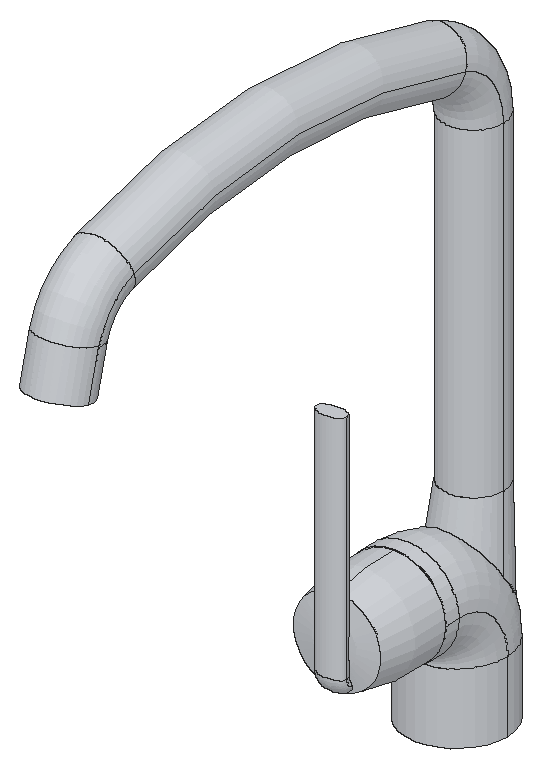
Revit family "Tap Kitchen (3)", category 위생기구, Revit 2026
Family settings
  원형 커넥터 치수 = 지름 사용
  부품 유형 = 보통
  작업 기준면 기반 = 아니오
  뷰에서 절단 사용 = 아니오
  항상 수직 = 예
  로드될 때 보이드를 사용하여 절단 = 아니오
  주석 방향 유지 = 아니오
  공유 = 아니오
  룸 계산 점 = 아니오
Parameters
  기본 높이 = 0 mm
  Material = none
  제조업체 = "Revit"
  설명 = "Kitchen Tap"
Reference planes
  plane 1 "Center (Front/Back)": y = 0
  plane 2: z = 0
  plane 3 "Center (Left/Right)": x = 0
  plane 4: z = 44.427
Forms (mm)
  Sweep 1, solid, material <- "Material"
    path origin (0, 0, 0) x (0, 1, 0) y (0, 0, 1)
      loop
        line (-0.001, 99.935) -> (-0.001, 261.452)
        arc (-0.001, 261.452) -> (-6.471, 281.687) -> (-23.482, 294.414) r 34.876
        arc (-23.482, 294.414) -> (-125.186, 311.497) -> (-226.889, 294.414) r 311.288
        arc (-226.889, 294.414) -> (-240.306, 285.917) -> (-248.511, 272.32) r 34.58
        line (-248.511, 272.32) -> (-254.242, 249.434)
    profile origin (0, 0, 180.694) x (0, -1, 0) y (1, 0, 0)
      loop
        circle (0.001, 0) r 15
  Sweep 2, solid, material <- "Material"
    path origin (0, 0, 0) x (0, 1, 0) y (0, 0, 1)
      loop
        line (-10.357, 0) -> (-10.357, 35)
        arc (-10.357, 35) -> (-19.144, 56.213) -> (-40.357, 65) r 30
        line (-40.357, 65) -> (-48.32, 65)
    profile origin (0, 0, 17.5) x (0, -1, 0) y (1, 0, 0)
      loop
        circle (10.357, 0) r 25
  Blend 3, solid, material <- "Material"
    base sketch origin (0, 0, 44.427) x (0, 1, 0) y (-1, 0, 0)
      loop
        circle (-6.035, 0) r 20
    top sketch origin (0, 0, 44.427) x (0, 1, 0) y (-1, 0, 0)
      loop
        circle (0, 0) r 15
    from 0 to 55.508
  Revolve 4, solid, material <- "Material"
    sketch origin (0, 0, 0) x (0, 1, 0) y (0, 0, 1)
      loop
        line (-48.32, 40.182) -> (-48.32, 65) -> (-85.581, 65)
        arc (-85.581, 65) -> (-85.076, 54.176) -> (-83.32, 43.484) r 93.251
        arc (-83.32, 43.484) -> (-65.945, 40.509) -> (-48.32, 40.182) r 116.845
      axis (-48.32, 65) -> (-85.581, 65)
    angle from 0 to 360
  Sweep 5, solid, material <- "Material"
    path origin (0, 0, 0) x (0, 1, 0) y (0, 0, 1)
      loop
        line (-72.796, 47.517) -> (-81.856, 47.517)
        arc (-81.856, 47.517) -> (-85.391, 48.981) -> (-86.856, 52.517) r 5
        line (-86.856, 52.517) -> (-86.856, 167.614)
    profile origin (0, -77.326, 0) x (0, 0, -1) y (1, 0, 0)
      loop
        spline (-47.517, -7.455) -> (-46.427, -7.201) -> (-45.411, -6.456) -> (-44.539, -5.271) -> (-43.87, -3.727) -> (-43.449, -1.929) -> (-43.306, 0) -> (-43.449, 1.929) -> (-43.87, 3.727) -> (-44.539, 5.271) -> (-45.411, 6.456) -> (-46.427, 7.201) -> (-47.517, 7.455)
        spline (-47.517, 7.455) -> (-48.607, 7.201) -> (-49.622, 6.456) -> (-50.494, 5.271) -> (-51.163, 3.727) -> (-51.584, 1.929) -> (-51.727, 0) -> (-51.584, -1.929) -> (-51.163, -3.727) -> (-50.494, -5.271) -> (-49.622, -6.456) -> (-48.607, -7.201) -> (-47.517, -7.455)
